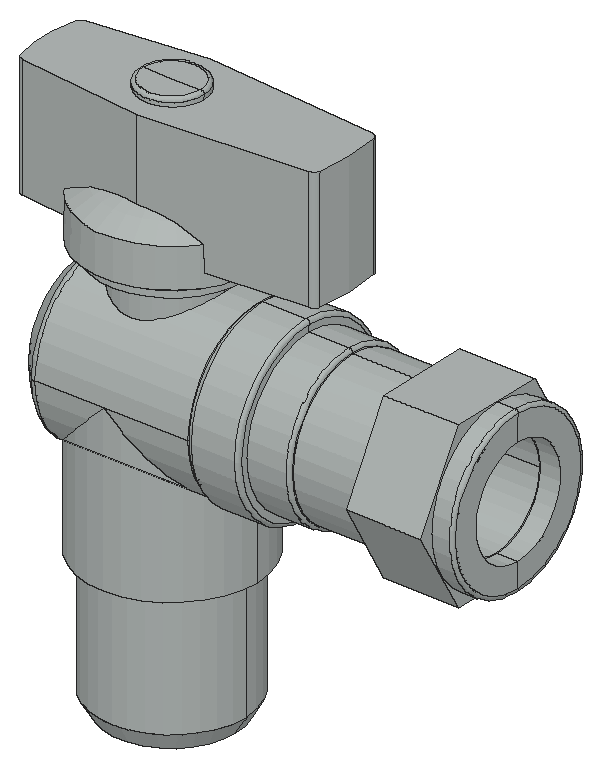
Revit family "QL22500000", category Apparecchi idraulici, Revit 2020
Family settings
  Quota connettore circolare = Usa diametro
  Tipo di parte = Normale
  Numero OmniClass = 23.45.00.00
  Titolo OmniClass = Sanitary, Laundry, and Cleaning Equipment
  Basato su piano di lavoro = No
  Sempre verticale = Sì
  Taglio con vuoti quando caricato = No
  Condiviso = No
  Punto di calcolo locali = No
Parameters
  URL = "https://web.cimberio.it/index.php/figura/508?subcategoria_id="
  Temperatura di esercizio = "-20 ÷ 90°C"
  Prospetto di default = 0 mm
  Produttore = "CIMBERIO SPA"
  Pressione nominale = "PN 16"
  Modello = "Cim 46"
  Materiale = "Prodotto in lega di ottone conforme alla norma EN 12165-CW617N-DW"
  Descrizione = "Realizzato in ottemperanza ai requisiti gestionali della norma EN ISO 9001.\r\nCollaudato al 100% secondo la normativa EN 12266-1.\r\nUtilizzato per impianti idrici ed igienico-sanitari"
  DN Model [instance] = QL22503110 : QL22503110
  DN [instance] = 15 mm
  Type Comments = ""
Reference planes
  plane 1 "Centro (Fronte/Retro)": y = 0
  plane 2: z = 0
  plane 3 "Centro (Sinistra/Destra)": x = 0
Dimensions and locks
  aligned and locked: level to plane 2
Nested families
  nested 1: "QL22503110" at (0, 0, 0), type <- "DN Model", type "QL22503110"
  nested 2: "QL22503110" at (0, 0, 0), type <- "DN Model", type "QL22503110"
  nested 3: "QL22503110" at (0, 0, 0), type <- "DN Model", type "QL22503110"
Connectors
  piping at (45.571, 0, 0.019), diameter 15, driven by "DN"
    settings: on nested 2, index 1, connector inside diameter 609.6 mm, connector length 0 mm, flow factor 0, pipe flow 0.0 L/s, pressure drop 0.0 Pa, fitting loss kfactor 0, connector angle 0.00°, fixture units 0, engagement length 0 mm, angle of deflection 0.00°, flow configuration 0, flow direction 0, fitting loss method 0, system type 7, joint type 0, gender type 0, connector reference index -1, connector utility 0, adjustable connector no, is connector primary yes, connector description ""
  piping at (0, 0, -43), diameter 15, driven by "DN"
    settings: on nested 1, index 2, connector inside diameter 609.6 mm, connector length 0 mm, flow factor 0, pipe flow 0.0 L/s, pressure drop 0.0 Pa, fitting loss kfactor 0, connector angle 0.00°, fixture units 0, engagement length 0 mm, angle of deflection 0.00°, flow configuration 0, flow direction 0, fitting loss method 0, system type 7, joint type 0, gender type 0, connector reference index -1, connector utility 0, adjustable connector no, is connector primary no, connector description ""
Definition of nested family "QL22503110"
  Parameters (values of type "QL22503110")
    URL = ""
    Default Elevation = 0 mm
    Manufacturer = "CIMBERIO SPA"
    Model = ""
    Description = "Realizzato in ottemperanza ai requisiti gestionali della norma EN ISO 9001.\r\nUtilizzato per la regolazione della temperatura degli ambienti e comandare apparecchi degli impianti di riscaldamento e condizionamento."
    Type Comments = ""
  Reference planes
    plane 1 "Centro (Fronte/Retro)": y = 0
    plane 2: z = 0
    plane 3 "Centro (Sinistra/Destra)": x = 0
  Forms (mm)
    Revolve 1, solid
      sketch origin (0, 0, 0) x (1, 0, 0) y (0, 1, 0)
        loop
          line (-10.293, 11.707) -> (-12.707, 9.293)
          arc (-12.707, 9.293) -> (-12.924, 8.968) -> (-13, 8.586) r 1
          line (-13, 8.586) -> (-13, 0) -> (-9.586, 0) -> (-9.586, 6.496) -> (11.882, 6.496) -> (11.882, 12) -> (-9.586, 12)
          arc (-9.586, 12) -> (-9.968, 11.924) -> (-10.293, 11.707) r 1
        axis (-13, 0) -> (11.882, 0)
      angle from 0 to 360
    Revolve 2, solid
      sketch origin (25, 0, 0) x (-1, 0, 0) y (0, 0, -1)
        loop
          line (6.2, -12.5) -> (12.252, -12.5)
          arc (12.252, -12.5) -> (12.618, -12.134) -> (13.118, -12) r 1
          line (13.118, -12) -> (13.118, -5) -> (-0.3, -5) -> (-0.3, -10.5)
          arc (-0.3, -10.5) -> (-0.154, -10.854) -> (0.2, -11) r 0.5
          line (0.2, -11) -> (5.771, -11) -> (5.7, -12)
          arc (5.7, -12) -> (5.846, -12.354) -> (6.2, -12.5) r 0.5
        axis (13.118, 0) -> (-0.3, 0)
      angle from 0 to 360
    Revolve 3, solid
      sketch origin (25, 0, 0) x (-1, 0, 0) y (0, 0, -1)
        loop
          line (37, 23) -> (30, 23) -> (30, -0.019) -> (37, -0.019) -> (37, 23)
        axis (25, -0.019) -> (25, 23)
      angle from 0 to 360
    Revolve 4, solid
      sketch origin (0, 0, 0) x (1, 0, 0) y (0, 0, 1)
        loop
          line (-9.007, -43) -> (-7.5, -43) -> (-7.5, -23) -> (-10.45, -23) -> (-10.45, -40.5) -> (-9.007, -43)
        axis (0, -23) -> (0, -43)
      angle from 0 to 360
    Revolve 5, solid
      sketch origin (0, 0, 0) x (1, 0, 0) y (0, 0, 1)
        loop
          line (25.3, 10.45) -> (25.3, 7.5) -> (35.371, 7.5) -> (35.371, 10.45) -> (25.3, 10.45)
        axis (25.3, 0) -> (35.371, 0)
      angle from 0 to 360
    Extrusion 6, solid
      sketch origin (0, 0, 0) x (0, 1, 0) y (0, 0, 1)
        loop
          circle (0, 0.019) r 7.5
        loop
          line (13.25, 0.019) -> (6.625, 11.494) -> (-6.625, 11.494) -> (-13.25, 0.019) -> (-6.625, -11.456) -> (6.625, -11.456) -> (13.25, 0.019)
      from 35.071 to 45.571
    Revolve 7, solid
      sketch origin (0, 0, 0) x (1, 0, 0) y (0, 0, 1)
        loop
          arc (48.571, 11) -> (48.424, 11.354) -> (48.071, 11.5) r 0.5
          line (48.071, 11.5) -> (45.571, 11.5) -> (45.571, 7.5) -> (48.571, 7.5) -> (48.571, 11)
        axis (48.571, 0) -> (45.571, 0)
      angle from 0 to 360
    Revolve 8, solid
      sketch origin (0, 0, 0) x (1, 0, 0) y (0, 0, 1)
        loop
          line (-7.397, 7.833) -> (0, 7.833) -> (0, 18.19) -> (-7.397, 18.19) -> (-7.397, 7.833)
        axis (0, 18.19) -> (0, 7.833)
      angle from 0 to 360
    Revolve 9, solid
      sketch origin (0, 0, 0.772) x (1, 0, 0) y (0, 0, 1)
        loop
          line (0, 13.55) -> (0, 24.481)
          arc (0, 24.481) -> (-6.22, 23.693) -> (-11.805, 20.845) r 18.248
          line (-11.805, 20.845) -> (-11.9, 15.416) -> (-10.305, 14.495) -> (-10.305, 13.55) -> (0, 13.55)
        axis (0, 24.481) -> (0, 13.55)
      angle from 0 to 360
    Extrusion 10, solid
      sketch origin (0, 0, 0.772) x (1, 0, 0) y (0, 1, 0)
        loop
          line (-0.625, 7.424) -> (-16.512, 5.5)
          arc (-16.512, 5.5) -> (-17.045, 5.265) -> (-17.356, 4.772) r 1
          arc (-17.356, 4.772) -> (-18, -0.042) -> (-17.334, -4.852) r 18
          arc (-17.334, -4.852) -> (-17.02, -5.343) -> (-16.487, -5.576) r 1
          line (-16.487, -5.576) -> (0.986, -7.417) -> (23.658, -5.5)
          arc (23.658, -5.5) -> (24.243, -5.247) -> (24.556, -4.691) r 1
          arc (24.556, -4.691) -> (25, 0) -> (24.556, 4.691) r 25
          arc (24.556, 4.691) -> (24.243, 5.247) -> (23.658, 5.5) r 1
          line (23.658, 5.5) -> (-0.625, 7.424)
      from 17.32 to 34.35
    Revolve 11, solid
      sketch origin (0, 0, 0.772) x (1, 0, 0) y (0, 0, 1)
        loop
          line (4.001, 35.35) -> (0, 35.35) -> (0, 33.3) -> (4.5, 33.3) -> (4.5, 34.85)
          arc (4.5, 34.85) -> (4.354, 35.203) -> (4.001, 35.35) r 0.5
        axis (0, 35.35) -> (0, 33.3)
      angle from 0 to 360
  Dimensions and locks
    aligned and locked: level to plane 2
